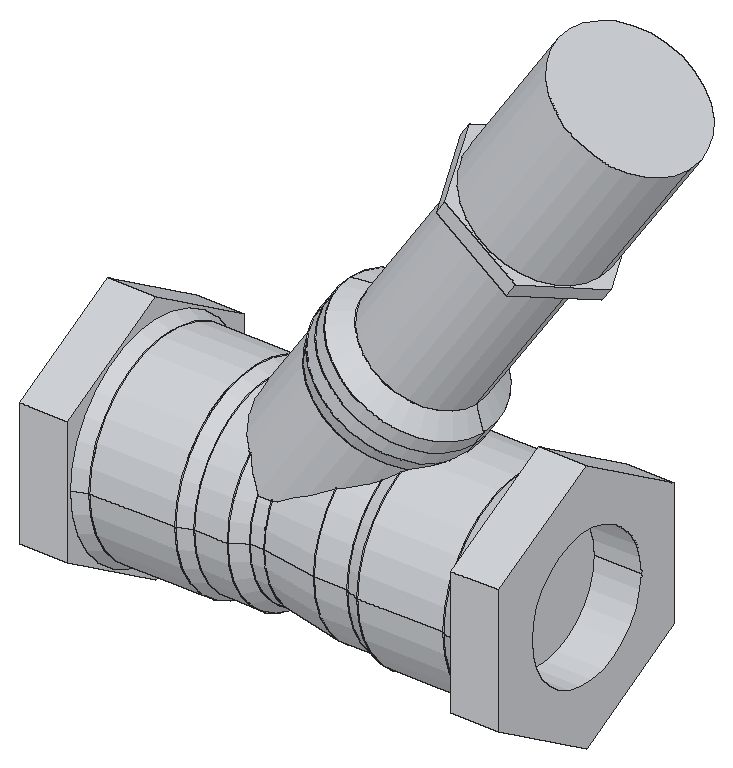
Revit family "DPRV_DN025_RFA_2018", category Pipe Accessories, Revit 2018
Family settings
  Round Connector Dimension = Use Diameter
  Part Type = Valve - Breaks Into
  Work Plane-Based = No
  Always vertical = Yes
  Cut with Voids When Loaded = No
  Shared = No
Parameters (values of type "DPRV-DN25")
  magiProductId = "8f5d2c47d0804d84a9ee1a0f7163ce"
  magiProductFamilyId = "2368235d042246b783f613dde97580"
  magiPartTypeId = 304
  isMeasuringValve [instance] = no
  ang2D [instance] = 0.00°
  Z1 = 28.345 mm
  Y6 = 19.55 mm
  Y5 = 17.4 mm
  Y3 = 18.4 mm
  Y15 = 13.311 mm
  Y14 = 15.66 mm
  Y12 = 11.31 mm
  Y11 = 14.79 mm
  Y10 = 13.92 mm
  Y0 = 15.66 mm
  XT0 = 8 mm
  X7 = 6.09 mm
  X6__ve = -X6  # -15.66 mm
  X6 = 15.66 mm
  X3 = 2.61 mm
  X1__ve = -X1  # -8.7 mm
  X1 = 8.7 mm
  X0 = 43.5 mm
  W2D = 15 mm
  VersionID = "2.0/2018.12.13.2/FRESE_DPRV_001"
  Use Minimum Symbol Size [instance] = no
  URL = "www.hydronix.cz"
  Type Comments = "závitový s vnitřním závitem; PN25; dpmax=600kPa; -20~+120°C"
  QmdConnectorList = "301;D;302;D"
  Productdata [instance] = ""
  Manufacturer = "Hydronix"
  MC Use Limits From Balancing Method = no
  MC Throttling Minimum Value = 0
  MC Throttling Maximum Value = 0
  MC Product Code = "48-0077; DN25 FF; nastavitelný rozsah 10-60kPa; kvs=8,3"
  MC Pressure Drop Minimum Value = 0.0 Pa
  MC Pressure Drop Maximum Value = 0.0 Pa
  MC Piping Given Pressure Drop [instance] = 0.0 Pa
  L3 = 23 mm
  L2D_Min = 30.48 mm
  L2D = 70 mm
  H6 = 33.345 mm
  H5 = 2.835 mm
  H2 = 23.621 mm
  Description = "Nastavitelný přepouštěcí ventil"
  DT2 = 12.5 mm
  D = 25 mm
  CenSd_Y14_6 = Y14 * cos(30.00°)  # 13.562 mm
  CenSd_L3_6 = L3 * cos(30.00°)  # 19.919 mm
  AA3 = 3.991 mm
  AA2 = 6.958 mm
Types (4, lengths in mm): name | magiProductId | Z1 | Y6 | Y5 | Y3 | Y15 | Y14 | Y12 | Y11 | Y10 | Y0 | X7 | X6__ve | X6 | X3 | X1__ve | X1 | X0 | MC Product Code | L3 | H6 | H5 | H2 | DT2 | D | CenSd_Y14_6 | CenSd_L3_6 | AA3 | AA2
  DPRV-DN15 | "0a1695ce379549c5bda4e9817c8a32" | 26.012 | 12.75 | 11 | 12 | 10.71 | 12.6 | 9.1 | 11.9 | 11.2 | 9.9 | 4.9 | -12.6 | 12.6 | 2.1 | -7 | 7 | 35 | "48-0075; DN15 FF; nastavitelný rozsah 10-60kPa; kvs=3,5" | 15 | 31.012 | 2.601 | 21.677 | 7.5 | 15 | 10.912 | 12.99 | 2.941 | 5.127
  DPRV-DN20 | "7bf90d6895024d90850a4e7c13d0c4" | 26.304 | 15.3 | 13.4 | 14.4 | 11.934 | 14.04 | 10.14 | 13.26 | 12.48 | 12.06 | 5.46 | -14.04 | 14.04 | 2.34 | -7.8 | 7.8 | 39 | "48-0076; DN20 FF; nastavitelný rozsah 10-60kPa; kvs=3,7" | 18 | 31.304 | 2.63 | 21.92 | 10 | 20 | 12.159 | 15.588 | 3.081 | 5.371
  DPRV-DN25 | "8f5d2c47d0804d84a9ee1a0f7163ce" | 28.345 | 19.55 | 17.4 | 18.4 | 13.311 | 15.66 | 11.31 | 14.79 | 13.92 | 15.66 | 6.09 | -15.66 | 15.66 | 2.61 | -8.7 | 8.7 | 43.5 | "48-0077; DN25 FF; nastavitelný rozsah 10-60kPa; kvs=8,3" | 23 | 33.345 | 2.835 | 23.621 | 12.5 | 25 | 13.562 | 19.919 | 3.991 | 6.958
  DPRV-DN32 | "4b273c145a0a4466be66f0b82dd13f" | 28.27 | 23.8 | 21.4 | 22.4 | 15.759 | 18.54 | 13.39 | 17.51 | 16.48 | 19.26 | 7.21 | -18.54 | 18.54 | 3.09 | -10.3 | 10.3 | 51.5 | "48-0078; DN32 FF; nastavitelný rozsah 10-60kPa; kvs=10,5" | 28 | 33.27 | 2.827 | 23.558 | 16 | 32 | 16.056 | 24.249 | 4.131 | 7.203
Reference planes
  plane 1 "Center (Front/Back)": y = 0
  plane 2 "XYPLANE": z = 0
  plane 3 "Center (Left/Right)": x = 0
  plane 4 "733": through (-616.653, 0, 426.913) normal (0.5736, 0, 0.8192)
  plane 5 "722": through (-614.364, 0, 430.182) normal (0.5736, 0, 0.8192)
  plane 6 "680": through (-594.312, 0, 458.819) normal (0.5736, 0, 0.8192)
  plane 7 "673": through (-573.561, 0, 488.455) normal (0.5736, 0, 0.8192)
  plane 8 "667": x = 7.83
  plane 9 "666": x = -2.61
  plane 10 "664": x = -5.22
  plane 11 "662": x = -7.83
  plane 12 "540": through (-597.564, 0, 454.175) normal (0.5736, 0, 0.8192)
  plane 13 "539": through (-575.187, 0, 486.134) normal (0.5736, 0, 0.8192)
  plane 14 "535": through (-595.938, 0, 456.497) normal (0.5736, 0, 0.8192)
  plane 15 "531": through (-599.19, 0, 451.853) normal (0.5736, 0, 0.8192)
  plane 16 "528": through (-600.816, 0, 449.531) normal (0.5736, 0, 0.8192)
  plane 17 "512": y = 0
  plane 18 "510": through (424.482, 0, 618.355) normal (0.8192, 0, -0.5736)
  plane 19 "369": x = 13.92
  plane 20 "367": x = 16.53
  plane 21 "366": x = 34.8
  plane 22 "365": x = 32.19
  plane 23 "354": x = -13.92
  plane 24 "54": x = -16.53
  plane 25 "49": x = -32.19
  plane 26 "18": x = -34.8
  plane 27 "8": x = 43.5
  plane 28 "7": x = -43.5
  plane 29 "3": z = 0
  plane 30 "2": y = 0
  plane 31 "507XY": through (-614.364, 0, 430.182) normal (0.5736, 0, 0.8192)
  plane 32 "507XZ": y = 0
  plane 33 "507YZ": through (430.182, 0, 614.364) normal (0.8192, 0, -0.5736)
Forms (mm)
  Extrusion 1, solid
    sketch origin (-573.561, 0, 488.455) x (0.819152, 0, -0.573576) y (0, 1, 0)
      loop
        circle (743.042, 0) r 13.311
    from 0 to 28.345 <- "Z1"
  Extrusion 2, solid
    sketch origin (-575.187, 0, 486.134) x (0.819152, 0, -0.573576) y (0, 1, 0)
      loop
        line (758.702, 0) -> (750.872, 13.562) -> (735.212, 13.562) -> (727.382, 0) -> (735.212, -13.562) -> (750.872, -13.562) -> (758.702, 0)
    from 0 to 2.835 <- "H5"
  Blend 3, solid
    base sketch origin (-595.938, 0, 456.497) x (0.819152, 0, -0.573576) y (0, 1, 0)
      loop
        circle (743.042, 0) r 14.79
    top sketch origin (-595.938, 0, 456.497) x (0.819152, 0, -0.573576) y (0, 1, 0)
      loop
        circle (743.042, 0) r 11.31
    from 0 to 2.835
  Blend 4, solid
    base sketch origin (-600.816, 0, 449.531) x (0.819152, 0, -0.573576) y (0, 1, 0)
      loop
        circle (743.042, 0) r 13.92
    top sketch origin (-600.816, 0, 449.531) x (0.819152, 0, -0.573576) y (0, 1, 0)
      loop
        circle (743.042, 0) r 14.79
    from 0 to 2.835
  Blend 5, solid
    base sketch origin (-2.61, -750, 0) x (0, 1, 0) y (0, 0, 1)
      loop
        circle (750, 0) r 15.66
    top sketch origin (-2.61, -750, 0) x (0, 1, 0) y (0, 0, 1)
      loop
        circle (750, 0) r 17.4
    from 0 to 10.44
  Extrusion 6, solid
    sketch origin (-5.22, -750, 0) x (0, 1, 0) y (0, 0, 1)
      loop
        circle (750, 0) r 15.66
    from 0 to 2.61 <- "X3"
  Blend 7, solid
    base sketch origin (-7.83, -750, 0) x (0, 1, 0) y (0, 0, 1)
      loop
        circle (750, 0) r 17.4
    top sketch origin (-7.83, -750, 0) x (0, 1, 0) y (0, 0, 1)
      loop
        circle (750, 0) r 15.66
    from 0 to 2.61
  Extrusion 8, solid
    sketch origin (7.83, -750, 0) x (0, 1, 0) y (0, 0, 1)
      loop
        circle (750, 0) r 17.4
    from 0 to 6.09 <- "X7"
  Blend 9, solid
    base sketch origin (-614.364, 0, 430.182) x (0.819152, 0, -0.573576) y (0, 1, 0)
      loop
        circle (743.042, 0) r 13.92
    top sketch origin (-614.364, 0, 430.182) x (0.819152, 0, -0.573576) y (0, 1, 0)
      loop
        circle (743.042, 0) r 8
    from 0 to -3.991
  Extrusion 10, solid
    sketch origin (-594.312, 0, 458.819) x (0.819152, 0, -0.573576) y (0, 1, 0)
      loop
        circle (743.042, 0) r 11.31
    from 0 to 33.345 <- "H6"
  Extrusion 11, solid
    sketch origin (-597.564, 0, 454.175) x (0.819152, 0, -0.573576) y (0, 1, 0)
      loop
        circle (743.042, 0) r 14.79
    from 0 to 2.835 <- "H5"
  Extrusion 12, solid
    sketch origin (-599.19, 0, 451.853) x (0.819152, 0, -0.573576) y (0, 1, 0)
      loop
        circle (743.042, 0) r 14.79
    from 0 to 2.835 <- "H5"
  Extrusion 13, solid
    sketch origin (-614.364, 0, 430.182) x (0.819152, 0, -0.573576) y (0, 1, 0)
      loop
        circle (743.042, 0) r 13.92
    from 0 to 23.621 <- "H2"
  Blend 14, solid
    base sketch origin (16.53, -750, 0) x (0, 1, 0) y (0, 0, 1)
      loop
        circle (750, 0) r 18.4
    top sketch origin (16.53, -750, 0) x (0, 1, 0) y (0, 0, 1)
      loop
        circle (750, 0) r 17.4
    from 0 to -2.61
  Extrusion 15, solid
    sketch origin (32.19, -750, 0) x (0, 1, 0) y (0, 0, 1)
      loop
        circle (750, 0) r 18.4
    from 0 to -15.66 <- "X6__ve"
  Extrusion 16, solid
    sketch origin (-13.92, -750, 0) x (0, 1, 0) y (0, 0, 1)
      loop
        circle (750, 0) r 17.4
    from 0 to 6.09 <- "X7"
  Extrusion 17, solid
    sketch origin (-32.19, -750, 0) x (0, 1, 0) y (0, 0, 1)
      loop
        circle (750, 0) r 18.4
    from 0 to 15.66 <- "X6"
  Blend 18, solid
    base sketch origin (-16.53, -750, 0) x (0, 1, 0) y (0, 0, 1)
      loop
        circle (750, 0) r 18.4
    top sketch origin (-16.53, -750, 0) x (0, 1, 0) y (0, 0, 1)
      loop
        circle (750, 0) r 17.4
    from 0 to 2.61
  Extrusion 19, solid
    sketch origin (-43.5, -750, 0) x (0, 1, 0) y (0, 0, 1)
      loop
        line (750, 23) -> (730.081, 11.5) -> (730.081, -11.5) -> (750, -23) -> (769.919, -11.5) -> (769.919, 11.5) -> (750, 23)
      loop
        circle (750, 0) r 12.5
    from 0 to 8.7 <- "X1"
  Blend 20, solid
    base sketch origin (34.8, -750, 0) x (0, 1, 0) y (0, 0, 1)
      loop
        circle (750, 0) r 19.55
    top sketch origin (34.8, -750, 0) x (0, 1, 0) y (0, 0, 1)
      loop
        circle (750, 0) r 18.4
    from 0 to -2.61
  Extrusion 21, solid
    sketch origin (43.5, -750, 0) x (0, 1, 0) y (0, 0, 1)
      loop
        line (750, 23) -> (730.081, 11.5) -> (730.081, -11.5) -> (750, -23) -> (769.919, -11.5) -> (769.919, 11.5) -> (750, 23)
      loop
        circle (750, 0) r 12.5
    from 0 to -8.7 <- "X1__ve"
  Blend 22, solid
    base sketch origin (-34.8, -750, 0) x (0, 1, 0) y (0, 0, 1)
      loop
        circle (750, 0) r 19.55
    top sketch origin (-34.8, -750, 0) x (0, 1, 0) y (0, 0, 1)
      loop
        circle (750, 0) r 18.4
    from 0 to 2.61
  Extrusion 23, solid, not visible
    sketch origin (43.5, -750, 0) x (0, 1, 0) y (0, 0, 1)
      loop
        circle (750, 0) r 10
    from 0 to -10
  Extrusion 24, solid, not visible
    sketch origin (-43.5, -750, 0) x (0, 1, 0) y (0, 0, 1)
      loop
        circle (750, 0) r 10
    from 0 to 10
Lines and regions (mm)
  reference lines, not visible
    curve 1: circle (2, 2, 0) r 1 normal (0, 0, 1)
  reference lines
    curve 2: line (33.477, 0, 59.942) -> (30.897, 5.456, 61.749)
    curve 3: line (33.477, 0, 59.942) -> (28.317, 0, 63.556)
    curve 4: line (33.477, 0, 59.942) -> (30.897, -5.456, 61.749)
    curve 5: line (-43.5, 0, 0) -> (-43.5, -6.495, -3.75)
    curve 6: line (-43.5, 0, 0) -> (-43.5, 0, -7.5)
    curve 7: line (-43.5, 0, 0) -> (-43.5, 6.495, -3.75)
    curve 8: line (43.5, 0, 0) -> (43.5, -6.495, -3.75)
    curve 9: line (43.5, 0, 0) -> (43.5, 0, -7.5)
    curve 10: line (43.5, 0, 0) -> (43.5, 6.495, -3.75)
Dimensions and locks
  plane 1 "Center (Front/Back)" to curve 1 = 2 mm
  "AA3": plane 31 "507XY" to plane 4 "733"
  locked: plane 31 "507XY" to plane 5 "722"
  "H5": plane 14 "535" to plane 6 "680"
  "H5": plane 13 "539" to plane 7 "673"
  "X7": plane 19 "369" to plane 8 "667"
  "X3": plane 10 "664" to plane 9 "666"
  "X3": plane 11 "662" to plane 10 "664"
  "X7": plane 23 "354" to plane 11 "662"
  "H5": plane 15 "531" to plane 12 "540"
  "H6": plane 6 "680" to plane 13 "539"
  "H5": plane 12 "540" to plane 14 "535"
  "H5": plane 16 "528" to plane 15 "531"
  "H2": plane 31 "507XY" to plane 16 "528"
  locked: plane 32 "507XZ" to plane 17 "512"
  "AA2": plane 33 "507YZ" to plane 18 "510"
  "X3": plane 20 "367" to plane 19 "369"
  "X6": plane 22 "365" to plane 20 "367"
  "X1": plane 27 "8" to plane 21 "366"
  "X3": plane 21 "366" to plane 22 "365"
  "X3": plane 24 "54" to plane 23 "354"
  "X6": plane 25 "49" to plane 24 "54"
  "X3": plane 26 "18" to plane 25 "49"
  "X1": plane 28 "7" to plane 26 "18"
  "X0": plane 3 "Center (Left/Right)" to plane 27 "8"
  "X0": plane 3 "Center (Left/Right)" to plane 28 "7"
  locked: plane 2 "XYPLANE" to plane 29 "3"
  locked: plane 1 "Center (Front/Back)" to plane 30 "2"
  "CenSd_Y14_6": curve 2 to Extrusion 2 sketch curve  (x2)
  "CenSd_Y14_6": curve 3 to Extrusion 2 sketch curve  (x2)
  "CenSd_Y14_6": curve 4 to Extrusion 2 sketch curve  (x2)
  Extrusion 2 sketch curve to Extrusion 2 sketch curve = 0 mm  (x12)
  "CenSd_L3_6": curve 5 to Extrusion 19 sketch curve  (x2)
  "CenSd_L3_6": curve 6 to Extrusion 19 sketch curve  (x2)
  "CenSd_L3_6": curve 7 to Extrusion 19 sketch curve  (x2)
  Extrusion 19 sketch curve to Extrusion 19 sketch curve = 0 mm  (x12)
  "CenSd_L3_6": curve 8 to Extrusion 21 sketch curve  (x2)
  "CenSd_L3_6": curve 9 to Extrusion 21 sketch curve  (x2)
  "CenSd_L3_6": curve 10 to Extrusion 21 sketch curve  (x2)
  Extrusion 21 sketch curve to Extrusion 21 sketch curve = 0 mm  (x12)
  "Y15": radius of Extrusion 1 sketch curve
  "Y12": radius of Blend 3 sketch curve
  "Y11": radius of Blend 3 sketch curve
  "Y11": radius of Blend 4 sketch curve
  "Y10": radius of Blend 4 sketch curve
  "Y5": radius of Blend 5 sketch curve
  "Y0": radius of Blend 5 sketch curve
  "Y0": radius of Extrusion 6 sketch curve
  "Y0": radius of Blend 7 sketch curve
  "Y5": radius of Blend 7 sketch curve
  "Y5": radius of Extrusion 8 sketch curve
  "XT0": radius of Blend 9 sketch curve
  "Y10": radius of Blend 9 sketch curve
  "Y12": radius of Extrusion 10 sketch curve
  "Y11": radius of Extrusion 11 sketch curve
  "Y11": radius of Extrusion 12 sketch curve
  "Y10": radius of Extrusion 13 sketch curve
  "Y5": radius of Blend 14 sketch curve
  "Y3": radius of Blend 14 sketch curve
  "Y3": radius of Extrusion 15 sketch curve
  "Y5": radius of Extrusion 16 sketch curve
  "Y3": radius of Extrusion 17 sketch curve
  "Y5": radius of Blend 18 sketch curve
  "Y3": radius of Blend 18 sketch curve
  "DT2": radius of Extrusion 19 sketch curve
  "Y3": radius of Blend 20 sketch curve
  "Y6": radius of Blend 20 sketch curve
  "DT2": radius of Extrusion 21 sketch curve
  "Y3": radius of Blend 22 sketch curve
  "Y6": radius of Blend 22 sketch curve
  locked: curve 3 to curve 2 (angle 60.00°)
  locked: curve 4 to curve 3 (angle 60.00°)
  locked: curve 4 to curve 2 (angle 120.00°)
  locked: curve 6 to curve 5 (angle 60.00°)
  locked: curve 7 to curve 6 (angle 60.00°)
  locked: curve 7 to curve 5 (angle 120.00°)
  locked: curve 9 to curve 8 (angle 60.00°)
  locked: curve 10 to curve 9 (angle 60.00°)
  locked: curve 10 to curve 8 (angle 120.00°)
  aligned and locked: level to plane 2 "XYPLANE"
  aligned and locked: plane 17 "512" to Extrusion 1 sketch curve
  aligned and locked: Extrusion 1 sketch curve to plane 18 "510"
  aligned and locked: curve 2 to plane 18 "510"
  aligned and locked: plane 17 "512" to curve 3
  aligned and locked: plane 17 "512" to Blend 3 sketch curve  (x2)
  aligned and locked: Blend 3 sketch curve to plane 18 "510"  (x2)
  aligned and locked: plane 6 "680" to Blend 3
  aligned and locked: plane 17 "512" to Blend 4 sketch curve  (x2)
  aligned and locked: Blend 4 sketch curve to plane 18 "510"  (x2)
  aligned and locked: plane 15 "531" to Blend 4
  aligned and locked: plane 29 "3" to Blend 5 sketch curve  (x2)
  aligned and locked: Blend 5 sketch curve to plane 30 "2"  (x2)
  aligned and locked: plane 8 "667" to Blend 5
  aligned and locked: plane 29 "3" to Extrusion 6 sketch curve
  aligned and locked: Extrusion 6 sketch curve to plane 30 "2"
  aligned and locked: plane 29 "3" to Blend 7 sketch curve  (x2)
  aligned and locked: Blend 7 sketch curve to plane 30 "2"  (x2)
  aligned and locked: plane 10 "664" to Blend 7
  aligned and locked: plane 29 "3" to Extrusion 8 sketch curve
  aligned and locked: Extrusion 8 sketch curve to plane 30 "2"
  aligned and locked: plane 17 "512" to Blend 9 sketch curve  (x2)
  aligned and locked: Blend 9 sketch curve to plane 18 "510"  (x2)
  aligned and locked: Blend 9 to plane 4 "733"
  aligned and locked: plane 17 "512" to Extrusion 10 sketch curve
  aligned and locked: Extrusion 10 sketch curve to plane 18 "510"
  aligned and locked: plane 17 "512" to Extrusion 11 sketch curve
  aligned and locked: Extrusion 11 sketch curve to plane 18 "510"
  aligned and locked: plane 17 "512" to Extrusion 12 sketch curve
  aligned and locked: Extrusion 12 sketch curve to plane 18 "510"
  aligned and locked: plane 17 "512" to Extrusion 13 sketch curve
  aligned and locked: Extrusion 13 sketch curve to plane 18 "510"
  aligned and locked: plane 29 "3" to Blend 14 sketch curve  (x2)
  aligned and locked: Blend 14 sketch curve to plane 30 "2"  (x2)
  aligned and locked: Blend 14 to plane 19 "369"
  aligned and locked: plane 29 "3" to Extrusion 15 sketch curve
  aligned and locked: Extrusion 15 sketch curve to plane 30 "2"
  aligned and locked: plane 29 "3" to Extrusion 16 sketch curve
  aligned and locked: Extrusion 16 sketch curve to plane 30 "2"
  aligned and locked: plane 29 "3" to Extrusion 17 sketch curve
  aligned and locked: Extrusion 17 sketch curve to plane 30 "2"
  aligned and locked: plane 29 "3" to Blend 18 sketch curve  (x2)
  aligned and locked: Blend 18 sketch curve to plane 30 "2"  (x2)
  aligned and locked: plane 23 "354" to Blend 18
  aligned and locked: plane 29 "3" to curve 7
  aligned and locked: curve 7 to plane 30 "2"
  aligned and locked: plane 29 "3" to Extrusion 19 sketch curve
  aligned and locked: Extrusion 19 sketch curve to plane 30 "2"
  aligned and locked: plane 29 "3" to Blend 20 sketch curve  (x2)
  aligned and locked: Blend 20 sketch curve to plane 30 "2"  (x2)
  aligned and locked: Blend 20 to plane 22 "365"
  aligned and locked: plane 29 "3" to curve 10
  aligned and locked: curve 10 to plane 30 "2"
  aligned and locked: plane 29 "3" to Extrusion 21 sketch curve
  aligned and locked: Extrusion 21 sketch curve to plane 30 "2"
  aligned and locked: plane 29 "3" to Blend 22 sketch curve  (x2)
  aligned and locked: Blend 22 sketch curve to plane 30 "2"  (x2)
  aligned and locked: plane 25 "49" to Blend 22
  aligned and locked: plane 29 "3" to Extrusion 23 sketch curve
  aligned and locked: Extrusion 23 sketch curve to plane 30 "2"
  aligned and locked: plane 29 "3" to Extrusion 24 sketch curve
  aligned and locked: Extrusion 24 sketch curve to plane 30 "2"
Automatic sketch dimensions
  plane 1 "Center (Front/Back)" to Extrusion 23 sketch curve = 10 mm
  plane 1 "Center (Front/Back)" to Extrusion 24 sketch curve = 10 mm
  plane 3 "Center (Left/Right)" to curve 1 = 2 mm
  radius of curve 1 = 1 mm
Connectors
  piping at (-43.5, 0, 0), diameter 25, driven by "D"
    settings: on Extrusion 24, index 1, connector inside diameter 609.6 mm, connector length 0 mm, flow factor 0, pipe flow 0.0 L/s, pressure drop 0.0 Pa, fitting loss kfactor 0, connector angle 0.00°, fixture units 0, engagement length 0 mm, angle of deflection 0.00°, flow configuration 0, flow direction 0, fitting loss method 0, system type 29, joint type 0, gender type 0, connector reference index 2, connector utility 0, adjustable connector no, is connector primary yes, connector description ""
  piping at (43.5, 0, 0), diameter 25, driven by "D"
    settings: on Extrusion 23, index 2, connector inside diameter 609.6 mm, connector length 0 mm, flow factor 0, pipe flow 0.0 L/s, pressure drop 0.0 Pa, fitting loss kfactor 0, connector angle 0.00°, fixture units 0, engagement length 0 mm, angle of deflection 0.00°, flow configuration 0, flow direction 0, fitting loss method 0, system type 29, joint type 0, gender type 0, connector reference index 1, connector utility 0, adjustable connector no, is connector primary no, connector description ""
